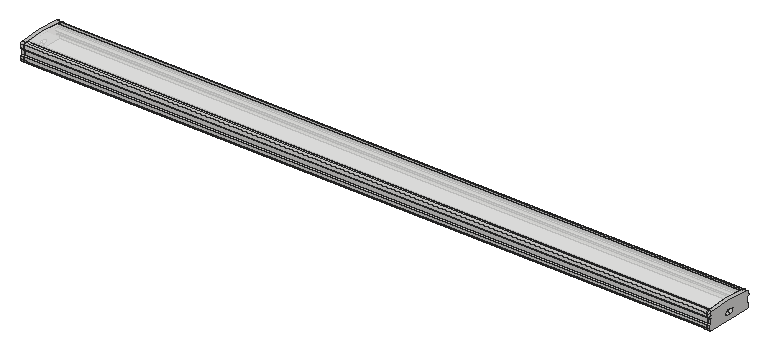
Revit family "Lighting - Luminii - Kendo L - Array", category Lighting Fixtures, host Face, Revit 2020
Family settings
  Host = Face
  Round Connector Dimension = Use Diameter
  Part Type = Normal
  OmniClass Number = 23.80.70.11.14.21
  OmniClass Title = Spots and Tracklight Specialties
  Cut with Voids When Loaded = No
  Light Source = No
  Shared = Yes
  Room Calculation Point = No
Parameters (values of type "Kendo L - High Efficacy")
  Width = 53/64"  # constant formula
  Wattage Comments = "7.3 W/ft"
  Warranty URL = "https://www.luminii.com/terms-conditions/"
  Voltage Comments = "120VAC - 277VAC"  # constant formula
  Voltage = 120 V
  Version = "2020 - v1.0a"  # constant formula
  URL = "https://www.luminii.com/"
  Support Phone = "224-699-9545"  # constant formula
  Support Email = "mailto:support@bimsmith.com"
  Product Page URL = "https://www.luminii.com/product/kendo-l-static-white/"
  Product Name = "Kendo L – Static White"  # constant formula
  Product Documentation Link = "https://www.luminii.com/wp-content/uploads/z_special_catalog_products/products/kendo-l-static-white/specsheets/KENDO-L-Static-White-Spec.pdf"
  Power Source Type = "Driver"  # constant formula
  Power Factor = 1
  Phase = 1
  Output Option [instance] = if(High Color Quality, "60X2HO | 60X2VHO", "HE48LO | HE48SO | HE48MO | HE48HO | HE64VHO")  # "HE48LO | HE48SO | HE48MO | HE48HO | HE64VHO"
  Output [instance] = if(High Color Quality, "High Color Quality", "High Efficacy")  # "High Efficacy"
  Operating Temperature = "Consult Manufacturer Website for more Information"  # constant formula
  Number of Poles = if(and(or(Voltage = 120 V, Voltage = 277 V), Phase = 1), 1, if(and(or(Voltage = 208 V, Voltage = 240 V), Phase = 1), 2, if(and(or(Voltage = 208 V, Voltage = 240 V), Phase = 3), 3, if(and(Voltage > 300 V, Phase = 1), 2, if(and(Voltage > 400 V, Phase = 3), 3, 1)))))  # 1
  Mounting Method = "Surface Mount"  # constant formula
  Model = "KL"
  Manufacturer Phone Number = "224-333-6033"  # constant formula
  Manufacturer Email = "mailto:info@luminii.com"
  Manufacturer Address = "7777 N Merrimac Ave, Niles, IL 60714"  # constant formula
  Manufacturer = "Luminii"  # constant formula
  Lumen Output = "543 lm/ft"
  Load Classification = Lighting
  Lens Material = Plastic - Luminii - Frosted Lens
  Length Comments [instance] = "Perfomance based on 1\" Photometric Web File, consult Manufacturer for custom sizes"  # constant formula
  Length [instance] = if(Desired Length < 12", 12", if(Desired Length > 144", 144", (round(Desired Length / 2")) * 2"))  # 12"
  Lamp Life = 1
  Lamp = "LED"  # constant formula
  Keynote = "26 50 00"
  Instruction Sheet Link = "https://www.luminii.com/wp-content/uploads/z_special_catalog_products/products/kendo-l-static-white/install-guides/kendo%20l-instructions.pdf"
  Initial Color Comments = "Perfomance based on 3000K Photometric Web File"  # constant formula
  Housing Protection Rating = "IP20 Dry/IP66 Wet Series"  # constant formula
  High Efficacy = not(High Color Quality)  # yes
  High Color Quality = no
  Has Dimming = 1 = 1  # yes
  Has Battery Backup = 0 = 1  # no
  Frequency Comments = ""  # constant formula
  Frequency = 60 Hz
  Finish = Metal - Luminii - Silver Anodized Aluminum
  Environment = "Indoor"  # constant formula
  Desired Length [instance] = 12"
  Description = "Linear Illumination System"  # constant formula
  Depth = 5/16"  # constant formula
  Default Elevation = 0"  # constant formula
  Current Amps = 50 A
  Copyright = "©2023 Luminii"  # constant formula
  built-in parameter 1114216 [instance] = 0  # (empty or 0)
  built-in parameter 1140040 [instance] = 1 = 1  # 1
  CCT = "3000K"
  C LED Number [instance] = Length / 1"  # 12
  C End Caps Width = 15/256"  # constant formula
  Assembly Code = "D5020230"
  Apparent Load = 8.3 VA
Types (2): name | Output Option | Output | High Efficacy | High Color Quality
  Kendo L - High Color Quality | "60X2HO | 60X2VHO" | "High Color Quality" | no | yes
  Kendo L - High Efficacy | "HE48LO | HE48SO | HE48MO | HE48HO | HE64VHO" | "High Efficacy" | yes | no
Reference planes (in)
  plane 1 "Center (Front/Back)": y = 0
  plane 2: z = 0
  plane 3 "Center (Left/Right)": x = 0
  plane 4: x = -6
  plane 5: x = 6
  plane 6: y = 0.41406
  plane 7: y = -0.41406
  plane 8: z = 0.30305
  plane 9: x = -5.94141
  plane 10: x = 5.94141
  plane 11: z = 0.3125
Forms (in)
  Extrusion 1, solid, material "Metal - Luminii - Silver Anodized Aluminum", not visible
    sketch origin (0, 0, 0) x (1, 0, 0) y (0, 1, 0)
      loop
        circle (0, 0) r 0.5
    from 0 to -0.17225
  Sweep 2, solid, material "Metal - Luminii - Silver Anodized Aluminum" <- "Finish", detail levels medium+fine
    path origin (0, 0, 0) x (1, 0, 0) y (0, 1, 0)
      loop
        line (-5.94141, 0) -> (5.94141, 0)
    profile origin (0, 0, 0) x (0, 1, 0) y (0, 0, 1)
      loop
        arc (0.40641, 0.26103) -> (0.39199, 0.28089) -> (0.3675, 0.2826) r 0.02905
        line (0.3675, 0.2826) -> (0.3675, 0.22273) -> (0.3302, 0.24012) -> (0.30618, 0.2161) -> (0.35, 0.105) -> (0.35, 0.04) -> (-0.35, 0.04) -> (-0.35, 0.105) -> (-0.30618, 0.2161) -> (-0.3302, 0.24012) -> (-0.3675, 0.22273) -> (-0.3675, 0.2826)
        arc (-0.3675, 0.2826) -> (-0.39199, 0.28089) -> (-0.40641, 0.26103) r 0.02905
        line (-0.40641, 0.26103) -> (-0.4185, 0.19886) -> (-0.3935, 0.18069) -> (-0.3935, 0.10031) -> (-0.4185, 0.08214) -> (-0.4185, 0.025)
        arc (-0.4185, 0.025) -> (-0.41118, 0.00732) -> (-0.3935, 0) r 0.025
        line (-0.3935, 0) -> (0.3935, 0)
        arc (0.3935, 0) -> (0.41118, 0.00732) -> (0.4185, 0.025) r 0.025
        line (0.4185, 0.025) -> (0.4185, 0.08214) -> (0.3935, 0.10031) -> (0.3935, 0.18069) -> (0.4185, 0.19886) -> (0.40641, 0.26103)
  Sweep 3, solid, material "Plastic - Luminii - Frosted Lens" <- "Lens Material", detail levels medium+fine
    path origin (0, 0, 0) x (1, 0, 0) y (0, 1, 0)
      loop
        line (-5.94141, 0) -> (5.94141, 0)
    profile origin (0, 0, 0) x (0, 1, 0) y (0, 0, 1)
      loop
        line (-0.2671, 0.19076) -> (-0.27054, 0.24681)
        arc (-0.27054, 0.24681) -> (0, 0.2634) -> (0.27054, 0.24681) r 2.21414
        line (0.27054, 0.24681) -> (0.2671, 0.19076) -> (0.29959, 0.12108)
        arc (0.29959, 0.12108) -> (0.32218, 0.11286) -> (0.33041, 0.13545) r 0.017
        line (0.33041, 0.13545) -> (0.29906, 0.20268) -> (0.30772, 0.24576) -> (0.355, 0.23626)
        arc (0.355, 0.23626) -> (0.34911, 0.26324) -> (0.32527, 0.27718) r 0.03438
        arc (0.32527, 0.27718) -> (0, 0.30305) -> (-0.32527, 0.27718) r 2.05789
        arc (-0.32527, 0.27718) -> (-0.34911, 0.26324) -> (-0.355, 0.23626) r 0.03438
        line (-0.355, 0.23626) -> (-0.30772, 0.24576) -> (-0.29906, 0.20268) -> (-0.33041, 0.13545)
        arc (-0.33041, 0.13545) -> (-0.32218, 0.11286) -> (-0.29959, 0.12108) r 0.017
        line (-0.29959, 0.12108) -> (-0.2671, 0.19076)
  Sweep 4, solid, material "Metal - Luminii - Silver Anodized Aluminum" <- "Finish", detail levels medium+fine
    path origin (0, 0, 0) x (1, 0, 0) y (0, 1, 0)
      loop
        line (-5.94141, 0) -> (-6, 0)
    profile origin (-5.9707, 0, 0) x (0, -1, 0) y (0, 0, 1)
      loop
        line (0.4185, 0.08214) -> (0.3935, 0.10031) -> (0.3935, 0.18069) -> (0.4185, 0.19886) -> (0.40641, 0.26103)
        arc (0.40641, 0.26103) -> (0.39799, 0.27647) -> (0.38219, 0.28421) r 0.02905
        arc (0.38219, 0.28421) -> (0, 0.3126) -> (-0.38219, 0.28421) r 2.58664
        arc (-0.38219, 0.28421) -> (-0.39799, 0.27647) -> (-0.40641, 0.26103) r 0.02905
        line (-0.40641, 0.26103) -> (-0.4185, 0.19886) -> (-0.3935, 0.18069) -> (-0.3935, 0.10031) -> (-0.4185, 0.08214) -> (-0.4185, 0.025)
        arc (-0.4185, 0.025) -> (-0.41118, 0.00732) -> (-0.3935, 0) r 0.025
        line (-0.3935, 0) -> (0.3935, 0)
        arc (0.3935, 0) -> (0.41118, 0.00732) -> (0.4185, 0.025) r 0.025
        line (0.4185, 0.025) -> (0.4185, 0.08214)
      loop
        arc (-0.04, 0.1671) -> (-0.0871, 0.12) -> (-0.04, 0.0729) r 0.0471
        line (-0.04, 0.0729) -> (0.04, 0.0729)
        arc (0.04, 0.0729) -> (0.0871, 0.12) -> (0.04, 0.1671) r 0.0471
        line (0.04, 0.1671) -> (-0.04, 0.1671)
  Sweep 5, solid, material "Metal - Luminii - Silver Anodized Aluminum" <- "Finish", detail levels medium+fine
    path origin (0, 0, 0) x (-1, 0, 0) y (0, 1, 0)
      loop
        line (-5.94141, 0) -> (-6, 0)
    profile origin (5.9707, 0, 0) x (0, 1, 0) y (0, 0, 1)
      loop
        arc (-0.38219, 0.28421) -> (-0.39799, 0.27647) -> (-0.40641, 0.26103) r 0.02905
        line (-0.40641, 0.26103) -> (-0.4185, 0.19886) -> (-0.3935, 0.18069) -> (-0.3935, 0.10031) -> (-0.4185, 0.08214) -> (-0.4185, 0.025)
        arc (-0.4185, 0.025) -> (-0.41118, 0.00732) -> (-0.3935, 0) r 0.025
        line (-0.3935, 0) -> (0.3935, 0)
        arc (0.3935, 0) -> (0.41118, 0.00732) -> (0.4185, 0.025) r 0.025
        line (0.4185, 0.025) -> (0.4185, 0.08214) -> (0.3935, 0.10031) -> (0.3935, 0.18069) -> (0.4185, 0.19886) -> (0.40641, 0.26103)
        arc (0.40641, 0.26103) -> (0.39799, 0.27647) -> (0.38219, 0.28421) r 0.02905
        arc (0.38219, 0.28421) -> (0, 0.3126) -> (-0.38219, 0.28421) r 2.58664
      loop
        arc (-0.04, 0.1671) -> (-0.0871, 0.12) -> (-0.04, 0.0729) r 0.0471
        line (-0.04, 0.0729) -> (0.04, 0.0729)
        arc (0.04, 0.0729) -> (0.0871, 0.12) -> (0.04, 0.1671) r 0.0471
        line (0.04, 0.1671) -> (-0.04, 0.1671)
  Sweep 6, solid, material "Metal - Luminii - Silver Anodized Aluminum" <- "Finish", detail levels coarse
    path origin (0, 0, 0) x (1, 0, 0) y (0, 1, 0)
      loop
        line (-5.94141, 0) -> (5.94141, 0)
    profile origin (0, 0, 0) x (0, 1, 0) y (0, 0, 1)
      loop
        line (0.40222, 0.2826) -> (0.3675, 0.2826) -> (0.3675, 0.22273) -> (0.3302, 0.24012) -> (0.30618, 0.2161) -> (0.35, 0.105) -> (0.35, 0.04) -> (-0.35, 0.04) -> (-0.35, 0.105) -> (-0.30618, 0.2161) -> (-0.3302, 0.24012) -> (-0.3675, 0.22273) -> (-0.3675, 0.2826) -> (-0.40222, 0.2826) -> (-0.4185, 0.19886) -> (-0.4185, 0.08214) -> (-0.4185, 0) -> (0.4185, 0) -> (0.4185, 0.08214) -> (0.4185, 0.19886) -> (0.40222, 0.2826)
  Sweep 7, solid, material "Plastic - Luminii - Frosted Lens" <- "Lens Material", detail levels coarse
    path origin (0, 0, 0) x (1, 0, 0) y (0, 1, 0)
      loop
        line (-5.94141, 0) -> (5.94141, 0)
    profile origin (0, 0, 0) x (0, 1, 0) y (0, 0, 1)
      loop
        line (-0.355, 0.23626) -> (-0.30772, 0.24576) -> (0.30772, 0.24576) -> (0.355, 0.23626)
        arc (0.355, 0.23626) -> (0.34911, 0.26324) -> (0.32527, 0.27718) r 0.03438
        arc (0.32527, 0.27718) -> (0, 0.30305) -> (-0.32527, 0.27718) r 2.05789
        arc (-0.32527, 0.27718) -> (-0.34911, 0.26324) -> (-0.355, 0.23626) r 0.03438
  Sweep 8, solid, material "Metal - Luminii - Silver Anodized Aluminum" <- "Finish", detail levels coarse
    path origin (0, 0, 0) x (-1, 0, 0) y (0, 1, 0)
      loop
        line (-5.94141, 0) -> (-6, 0)
    profile origin (5.9707, 0, 0) x (0, 1, 0) y (0, 0, 1)
      loop
        line (-0.40251, 0.28109) -> (-0.4185, 0.19886) -> (-0.4185, 0) -> (0.4185, 0) -> (0.4185, 0.19886) -> (0.40251, 0.28109)
        arc (0.40251, 0.28109) -> (0, 0.3126) -> (-0.40251, 0.28109) r 2.58664
  Sweep 9, solid, material "Metal - Luminii - Silver Anodized Aluminum" <- "Finish", detail levels coarse
    path origin (0, 0, 0) x (1, 0, 0) y (0, 1, 0)
      loop
        line (-5.94141, 0) -> (-6, 0)
    profile origin (-5.9707, 0, 0) x (0, -1, 0) y (0, 0, 1)
      loop
        arc (0.40251, 0.28109) -> (0, 0.3126) -> (-0.40251, 0.28109) r 2.58664
        line (-0.40251, 0.28109) -> (-0.4185, 0.19886) -> (-0.4185, 0) -> (0.4185, 0) -> (0.4185, 0.19886) -> (0.40251, 0.28109)
Dimensions and locks (in)
  equal spacing: plane 4, plane 3 "Center (Left/Right)", plane 5
  equal spacing: plane 6, plane 1 "Center (Front/Back)", plane 7
  "Length": plane 4 to plane 5
  "Width": plane 6 to plane 7
  "C End Caps Width": plane 10 to plane 5
  "C End Caps Width": plane 4 to plane 9
  "Depth": plane 11 to level
  equal spacing: group 1, group 3, group 4, group 5, group 6, group 7, group 8, group 9, group 10, group 11, group 12, group 2  (x3)
  aligned and locked: plane 2 to host face
  aligned and locked: plane 3 "Center (Left/Right)" to Extrusion 1 sketch curve
  aligned and locked: plane 1 "Center (Front/Back)" to Extrusion 1 sketch curve
  aligned and locked: plane 2 to Extrusion 1  (x2)
  aligned and locked: plane 9 to Sweep 2 sketch curve
  aligned and locked: plane 1 "Center (Front/Back)" to Sweep 2 sketch curve
  aligned and locked: plane 10 to Sweep 2 sketch curve
  aligned and locked: plane 1 "Center (Front/Back)" to Sweep 3 sketch curve
  aligned and locked: plane 10 to Sweep 3 sketch curve
  aligned and locked: plane 9 to Sweep 3 sketch curve
  aligned and locked: Sweep 4 sketch curve to plane 1 "Center (Front/Back)"
  aligned and locked: plane 9 to Sweep 4 sketch curve
  aligned and locked: plane 4 to Sweep 4 sketch curve
  aligned and locked: plane 10 to Sweep 5 sketch curve
  aligned and locked: plane 5 to Sweep 5 sketch curve
  aligned and locked: plane 1 "Center (Front/Back)" to Sweep 5 sketch curve
  aligned and locked: plane 9 to Sweep 6 sketch curve
  aligned and locked: plane 10 to Sweep 6 sketch curve
  aligned and locked: plane 1 "Center (Front/Back)" to Sweep 6 sketch curve
  aligned and locked: Sweep 6 sketch curve to plane 2
  aligned and locked: plane 9 to Sweep 7 sketch curve
  aligned and locked: plane 10 to Sweep 7 sketch curve
  aligned and locked: plane 1 "Center (Front/Back)" to Sweep 7 sketch curve
  aligned and locked: plane 5 to Sweep 8 sketch curve
  aligned and locked: plane 10 to Sweep 8 sketch curve
  aligned and locked: plane 1 "Center (Front/Back)" to Sweep 8 sketch curve
  aligned and locked: Sweep 8 sketch curve to plane 2
  aligned and locked: plane 9 to Sweep 9 sketch curve
  aligned and locked: plane 4 to Sweep 9 sketch curve
  aligned and locked: Sweep 9 sketch curve to plane 1 "Center (Front/Back)"
  aligned and locked: plane 2 to Sweep 9 sketch curve
  aligned and locked: plane 2 to nested 1
  aligned and locked: plane 1 "Center (Front/Back)" to nested 1
  aligned and locked: plane 4 to nested 1
  aligned and locked: plane 2 to nested 2
  aligned and locked: plane 5 to nested 2
  aligned and locked: plane 1 "Center (Front/Back)" to nested 2
Automatic sketch dimensions
  host sketch curve to host sketch curve = 96"  (x2)
  Sweep 2 sketch curve to level = 0"
  level to Sweep 2 sketch curve = 0.08214"
  profile plane to Sweep 2 sketch curve = 0.4185"
  level to Sweep 2 sketch curve = 0.19886"  (x2)
  Sweep 2 sketch curve to Sweep 2 sketch curve = 0"
  Sweep 2 sketch curve to Sweep 2 sketch curve = 0.01209"
  level to Sweep 2 sketch curve = 0.10031"
  Sweep 2 sketch curve to Sweep 2 sketch curve = 0.025"  (x3)
  Sweep 2 sketch curve to Sweep 2 sketch curve = 0.02851"  (x2)
  Sweep 2 sketch curve to Sweep 2 sketch curve = 0.0104"  (x2)
  Sweep 2 sketch curve to Sweep 2 sketch curve = 0.0435"  (x2)
  Sweep 2 sketch curve to Sweep 2 sketch curve = 0.0373"  (x2)
  Sweep 2 sketch curve to Sweep 2 sketch curve = 0.02402"  (x4)
  Sweep 2 sketch curve to profile plane = 0.30618"
  level to Sweep 2 sketch curve = 0.04"
  Sweep 2 sketch curve to Sweep 2 sketch curve = 0.04382"
  level to Sweep 2 sketch curve = 0.18069"
  Sweep 2 sketch curve to Sweep 2 sketch curve = 0.026"
  level to Sweep 2 sketch curve = 0.26103"
  level to Sweep 2 sketch curve = 0.025"
  Sweep 2 sketch curve to Sweep 2 sketch curve = 0.05714"
  Sweep 2 sketch curve to Sweep 2 sketch curve = 0.01816"  (x2)
  Sweep 2 sketch curve to Sweep 2 sketch curve = 0.00469"  (x2)
  Sweep 2 sketch curve to Sweep 2 sketch curve = 0.03541"  (x2)
  Sweep 2 sketch curve to Sweep 2 sketch curve = 0.04203"  (x2)
  Sweep 2 sketch curve to Sweep 2 sketch curve = 0.03276"
  Sweep 2 sketch curve to Sweep 2 sketch curve = 0.00554"  (x2)
  Sweep 3 sketch curve to profile plane = 0"  (x2)
  profile plane to Sweep 3 sketch curve = 0.2671"
  Sweep 3 sketch curve to Sweep 3 sketch curve = 0.00344"  (x2)
  Sweep 3 sketch curve to Sweep 3 sketch curve = 0.03196"  (x2)
  level to Sweep 3 sketch curve = 31/256"  (x2)
  Sweep 3 sketch curve to Sweep 3 sketch curve = 0.03249"  (x2)
  Sweep 3 sketch curve to Sweep 3 sketch curve = 0.03718"  (x2)
  Sweep 3 sketch curve to Sweep 3 sketch curve = 0.01541"  (x4)
  Sweep 3 sketch curve to Sweep 3 sketch curve = 0.01358"  (x2)
  level to Sweep 3 sketch curve = 0.13545"  (x2)
  Sweep 3 sketch curve to Sweep 3 sketch curve = 0.0337"  (x2)
  Sweep 3 sketch curve to profile plane = 0.2671"
  Sweep 3 sketch curve to level = 1.75484"
  Sweep 3 sketch curve to Sweep 3 sketch curve = 0.1959"
  Sweep 3 sketch curve to Sweep 3 sketch curve = 0.06968"  (x2)
  Sweep 3 sketch curve to Sweep 3 sketch curve = 0.01192"  (x2)
  Sweep 3 sketch curve to Sweep 3 sketch curve = 0.03359"  (x2)
  Sweep 3 sketch curve to Sweep 3 sketch curve = 0.00273"  (x2)
  Sweep 3 sketch curve to Sweep 3 sketch curve = 0.00104"
  Sweep 3 sketch curve to Sweep 3 sketch curve = 0.00397"
  Sweep 4 sketch curve to level = 0"
  Sweep 4 sketch curve to profile plane = 0"
  profile plane to Sweep 4 sketch curve = 0.04"
  Sweep 4 sketch curve to Sweep 4 sketch curve = 0.3379"  (x2)
  level to Sweep 4 sketch curve = 0.10031"
  Sweep 4 sketch curve to Sweep 4 sketch curve = 0.0156"  (x2)
  level to Sweep 4 sketch curve = 0.025"  (x2)
  Sweep 4 sketch curve to Sweep 4 sketch curve = 0"  (x3)
  level to Sweep 4 sketch curve = 0.26103"  (x2)
  Sweep 4 sketch curve to Sweep 4 sketch curve = 0.02851"  (x2)
  level to Sweep 4 sketch curve = 0.19886"  (x2)
  Sweep 4 sketch curve to Sweep 4 sketch curve = 0.025"  (x2)
  Sweep 4 sketch curve to profile plane = 0.04"
  Sweep 4 sketch curve to level = 2.27404"
  level to Sweep 4 sketch curve = 0.0729"
  Sweep 4 sketch curve to Sweep 4 sketch curve = 0.01816"  (x4)
  Sweep 4 sketch curve to Sweep 4 sketch curve = 0.05714"
  Sweep 4 sketch curve to Sweep 4 sketch curve = 0.0471"
  Sweep 4 sketch curve to Sweep 4 sketch curve = 0.00554"  (x2)
  Sweep 5 sketch curve to level = 0"
  Sweep 5 sketch curve to profile plane = 0"
  profile plane to Sweep 5 sketch curve = 0.04"
  Sweep 5 sketch curve to Sweep 5 sketch curve = 0.3379"  (x2)
  Sweep 5 sketch curve to Sweep 5 sketch curve = 0.0156"  (x2)
  Sweep 5 sketch curve to Sweep 5 sketch curve = 0"  (x3)
  level to Sweep 5 sketch curve = 0.26103"
  Sweep 5 sketch curve to Sweep 5 sketch curve = 0.02851"  (x2)
  level to Sweep 5 sketch curve = 0.19886"  (x2)
  Sweep 5 sketch curve to Sweep 5 sketch curve = 0.025"  (x4)
  level to Sweep 5 sketch curve = 0.08214"  (x2)
  Sweep 5 sketch curve to profile plane = 0.04"
  level to Sweep 5 sketch curve = 0.18069"
  Sweep 5 sketch curve to level = 2.27404"
  level to Sweep 5 sketch curve = 0.0729"
  Sweep 5 sketch curve to Sweep 5 sketch curve = 0.01816"  (x3)
  Sweep 5 sketch curve to Sweep 5 sketch curve = 0.0471"
  Sweep 5 sketch curve to Sweep 5 sketch curve = 0.00554"  (x2)
  Sweep 5 sketch curve to Sweep 5 sketch curve = 0.05663"
  Sweep 6 sketch curve to level = 0"
  profile plane to Sweep 6 sketch curve = 0.4185"
  Sweep 6 sketch curve to Sweep 6 sketch curve = 0.01628"
  Sweep 6 sketch curve to Sweep 6 sketch curve = 0.03472"  (x2)
  Sweep 6 sketch curve to Sweep 6 sketch curve = 0.0685"  (x2)
  Sweep 6 sketch curve to Sweep 6 sketch curve = 0.0373"  (x2)
  Sweep 6 sketch curve to Sweep 6 sketch curve = 0.02402"  (x4)
  Sweep 6 sketch curve to profile plane = 0.30618"
  level to Sweep 6 sketch curve = 0.105"
  Sweep 6 sketch curve to Sweep 6 sketch curve = 0.04382"
  level to Sweep 6 sketch curve = 0.04"
  Sweep 6 sketch curve to Sweep 6 sketch curve = 0.02286"
  Sweep 6 sketch curve to Sweep 6 sketch curve = 0.04214"
  Sweep 6 sketch curve to Sweep 6 sketch curve = 0.065"
  Sweep 6 sketch curve to Sweep 6 sketch curve = 0.09386"  (x2)
  Sweep 6 sketch curve to Sweep 6 sketch curve = 0.01725"  (x2)
  Sweep 6 sketch curve to Sweep 6 sketch curve = 0.02387"  (x2)
  Sweep 6 sketch curve to Sweep 6 sketch curve = 0.05988"
  Sweep 6 sketch curve to Sweep 6 sketch curve = 0.04248"
  Sweep 7 sketch curve to profile plane = 0"
  profile plane to Sweep 7 sketch curve = 0.30772"
  Sweep 7 sketch curve to Sweep 7 sketch curve = 0.01358"  (x2)
  Sweep 7 sketch curve to Sweep 7 sketch curve = 0.0337"  (x2)
  Sweep 7 sketch curve to profile plane = 0.30772"
  Sweep 7 sketch curve to level = 1.75484"
  level to Sweep 7 sketch curve = 0.23626"  (x2)
  Sweep 7 sketch curve to Sweep 7 sketch curve = 0.00677"  (x2)
  Sweep 7 sketch curve to Sweep 7 sketch curve = 0.00273"
  Sweep 7 sketch curve to Sweep 7 sketch curve = 0.00397"
  Sweep 8 sketch curve to level = 0"
  Sweep 8 sketch curve to profile plane = 0"
  profile plane to Sweep 8 sketch curve = 0.40251"
  Sweep 8 sketch curve to Sweep 8 sketch curve = 0.01599"  (x2)
  Sweep 8 sketch curve to profile plane = 0.40251"
  level to Sweep 8 sketch curve = 0.19886"
  Sweep 8 sketch curve to level = 2.27404"
  Sweep 8 sketch curve to Sweep 8 sketch curve = 0.19886"
  Sweep 8 sketch curve to Sweep 8 sketch curve = 0.08224"
  Sweep 9 sketch curve to level = 0"
  Sweep 9 sketch curve to profile plane = 0"
  profile plane to Sweep 9 sketch curve = 0.40251"
  Sweep 9 sketch curve to Sweep 9 sketch curve = 0.01599"  (x2)
  Sweep 9 sketch curve to profile plane = 0.40251"
  level to Sweep 9 sketch curve = 0.19886"
  Sweep 9 sketch curve to level = 2.27404"
  Sweep 9 sketch curve to Sweep 9 sketch curve = 0.19886"
  Sweep 9 sketch curve to Sweep 9 sketch curve = 0.08224"
  radius of Extrusion 1 sketch curve = 1/2"
Nested families (in)
  nested 1: "Lighting - Luminii - Kendo L - Nested Light Source" at (-5.5, 0, 0), type "Default"
    with Output Option "60X2HO | 60X2VHO", Output "High Color Quality", Length Comments "Perfomance based on 1\" Photometric Web File", Length 1", Desired Length 1", built-in parameter 1114216 (empty or 0), built-in parameter 1140040 1
  nested 2: "Lighting - Luminii - Kendo L - Nested Light Source" at (5.5, 0, 0), type "Default"
    with Output Option "60X2HO | 60X2VHO", Output "High Color Quality", Length Comments "Perfomance based on 1\" Photometric Web File", Length 1", Desired Length 1", built-in parameter 1114216 (empty or 0), built-in parameter 1140040 1
  nested 3: "Lighting - Luminii - Kendo L - Nested Light Source" at (-4.5, 0, 0), type "Default"
    with Output Option "60X2HO | 60X2VHO", Output "High Color Quality", Length Comments "Perfomance based on 1\" Photometric Web File", Length 1", Desired Length 1", built-in parameter 1114216 (empty or 0), built-in parameter 1140040 1
  nested 4: "Lighting - Luminii - Kendo L - Nested Light Source" at (-3.5, 0, 0), type "Default"
    with Output Option "60X2HO | 60X2VHO", Output "High Color Quality", Length Comments "Perfomance based on 1\" Photometric Web File", Length 1", Desired Length 1", built-in parameter 1114216 (empty or 0), built-in parameter 1140040 1
  nested 5: "Lighting - Luminii - Kendo L - Nested Light Source" at (-2.5, 0, 0), type "Default"
    with Output Option "60X2HO | 60X2VHO", Output "High Color Quality", Length Comments "Perfomance based on 1\" Photometric Web File", Length 1", Desired Length 1", built-in parameter 1114216 (empty or 0), built-in parameter 1140040 1
  nested 6: "Lighting - Luminii - Kendo L - Nested Light Source" at (-1.5, 0, 0), type "Default"
    with Output Option "60X2HO | 60X2VHO", Output "High Color Quality", Length Comments "Perfomance based on 1\" Photometric Web File", Length 1", Desired Length 1", built-in parameter 1114216 (empty or 0), built-in parameter 1140040 1
  nested 7: "Lighting - Luminii - Kendo L - Nested Light Source" at (-0.5, 0, 0), type "Default"
    with Output Option "60X2HO | 60X2VHO", Output "High Color Quality", Length Comments "Perfomance based on 1\" Photometric Web File", Length 1", Desired Length 1", built-in parameter 1114216 (empty or 0), built-in parameter 1140040 1
  nested 8: "Lighting - Luminii - Kendo L - Nested Light Source" at (0.5, 0, 0), type "Default"
    with Output Option "60X2HO | 60X2VHO", Output "High Color Quality", Length Comments "Perfomance based on 1\" Photometric Web File", Length 1", Desired Length 1", built-in parameter 1114216 (empty or 0), built-in parameter 1140040 1
  nested 9: "Lighting - Luminii - Kendo L - Nested Light Source" at (1.5, 0, 0), type "Default"
    with Output Option "60X2HO | 60X2VHO", Output "High Color Quality", Length Comments "Perfomance based on 1\" Photometric Web File", Length 1", Desired Length 1", built-in parameter 1114216 (empty or 0), built-in parameter 1140040 1
  nested 10: "Lighting - Luminii - Kendo L - Nested Light Source" at (2.5, 0, 0), type "Default"
    with Output Option "60X2HO | 60X2VHO", Output "High Color Quality", Length Comments "Perfomance based on 1\" Photometric Web File", Length 1", Desired Length 1", built-in parameter 1114216 (empty or 0), built-in parameter 1140040 1
  nested 11: "Lighting - Luminii - Kendo L - Nested Light Source" at (3.5, 0, 0), type "Default"
    with Output Option "60X2HO | 60X2VHO", Output "High Color Quality", Length Comments "Perfomance based on 1\" Photometric Web File", Length 1", Desired Length 1", built-in parameter 1114216 (empty or 0), built-in parameter 1140040 1
  nested 12: "Lighting - Luminii - Kendo L - Nested Light Source" at (4.5, 0, 0), type "Default"
    with Output Option "60X2HO | 60X2VHO", Output "High Color Quality", Length Comments "Perfomance based on 1\" Photometric Web File", Length 1", Desired Length 1", built-in parameter 1114216 (empty or 0), built-in parameter 1140040 1
Connectors (in)
  electrical at (0, 0, 0), driven by "Number of Poles", driven by "Load Classification", driven by "Voltage", driven by "Apparent Load", driven by "Power Factor"
    settings: on Extrusion 1, index 1, voltage 120 V, apparent load 8.3 VA, apparent load phase1 0 VA, apparent load phase2 0 VA, apparent load phase3 0 VA, power factor 1, load classification "Lighting", number of poles 1, system type 30, power factor state 1, is connector primary yes, connector utility no, sub classification motor no, connector description "Power Connection"
Definition of nested family "Lighting - Luminii - Kendo L - Nested Light Source"
  Parameters (values of type "Default")
    Width = 53/64"  # constant formula
    Wattage Comments = "7.3 W/ft"
    Wattage = 8.3 W
    Warranty URL = "https://www.luminii.com/terms-conditions/"
    built-in parameter 1150110 = 1 (stored number, unit not read)
    Voltage Comments = "120VAC - 277VAC"  # constant formula
    Voltage = 120 V
    Version = "2020 - v1.0a"  # constant formula
    URL = "https://www.luminii.com/"
    built-in parameter 1114217 = 1 (stored number, unit not read)
    Tilt Angle = -90.00°  # constant formula
    built-in parameter 1150109 = 1 (stored number, unit not read)
    built-in parameter 1150134 = (empty or 0)
    built-in parameter 1150113 = 1 (stored number, unit not read)
    Support Phone = "224-699-9545"  # constant formula
    Support Email = "mailto:support@bimsmith.com"
    Product Page URL = "https://www.luminii.com/product/kendo-l-static-white/"
    Product Name = "Kendo L – Static White"  # constant formula
    Product Documentation Link = "https://www.luminii.com/wp-content/uploads/z_special_catalog_products/products/kendo-l-static-white/specsheets/KENDO-L-Static-White-Spec.pdf"
    Power Source Type = "Driver"  # constant formula
    Power Factor = 1
    Photometric Web File = "KL-48-30K-LL72VHO-F.IES"
    Phase = 1
    Output Option [instance] = if(High Color Quality, "60X2HO | 60X2VHO", "HE48LO | HE48SO | HE48MO | HE48HO | HE64VHO")  # "60X2HO | 60X2VHO"
    Output [instance] = if(High Color Quality, "High Color Quality", "High Efficacy")  # "High Color Quality"
    Operating Temperature = "Consult Manufacturer Website for more Information"  # constant formula
    Number of Poles = if(and(or(Voltage = 120 V, Voltage = 277 V), Phase = 1), 1, if(and(or(Voltage = 208 V, Voltage = 240 V), Phase = 1), 2, if(and(or(Voltage = 208 V, Voltage = 240 V), Phase = 3), 3, if(and(Voltage > 300 V, Phase = 1), 2, if(and(Voltage > 400 V, Phase = 3), 3, 1)))))  # 1
    Mounting Method = "Surface Mount"  # constant formula
    Model = "KL"
    Manufacturer Phone Number = "224-333-6033"  # constant formula
    Manufacturer Email = "mailto:info@luminii.com"
    Manufacturer Address = "7777 N Merrimac Ave, Niles, IL 60714"  # constant formula
    Manufacturer = "Luminii"  # constant formula
    built-in parameter 1150105 = 614.2 (stored number, unit not read)
    Lumens = 614.2 lm
    built-in parameter 1150115 = 1 (stored number, unit not read)
    Lumen Output = "543 lm/ft"
    Load Classification = none
    built-in parameter 1150137 = (empty or 0)
    built-in parameter 1150139 = (empty or 0)
    Lens Material = none
    Length Comments [instance] = "Perfomance based on 1\" Photometric Web File"  # constant formula
    Length [instance] = 1"  # constant formula
    built-in parameter 1150112 = 1 (stored number, unit not read)
    built-in parameter 1150114 = 1 (stored number, unit not read)
    Lamp Life = 1
    Lamp = "LED"  # constant formula
    Keynote = "26 50 00"
    Instruction Sheet Link = "https://www.luminii.com/wp-content/uploads/z_special_catalog_products/products/kendo-l-static-white/install-guides/kendo%20l-instructions.pdf"
    built-in parameter 1150132 = (empty or 0)
    built-in parameter 1150102 = (empty or 0)
    built-in parameter 1150107 = 3000 (stored number, unit not read)
    Initial Color Comments = "Perfomance based on 3000K Photometric Web File"  # constant formula
    built-in parameter 1150138 = (empty or 0)
    built-in parameter 1150106 = 6.142 (stored number, unit not read)
    Housing Protection Rating = "IP20 Dry/IP66 Wet Series"  # constant formula
    High Efficacy = not(High Color Quality)  # no
    High Color Quality = yes
    Has Dimming = 1 = 1  # yes
    Has Battery Backup = 0 = 1  # no
    Frequency Comments = ""  # constant formula
    Frequency = 60 Hz
    Finish = none
    Environment = "Indoor"  # constant formula
    Emit from Rectangle Width = Width  # 53/64"
    Emit from Rectangle Length = 1"
    Emit Shape Visible in Rendering = yes
    built-in parameter 1150104 = 6.8748 (stored number, unit not read)
    Dimming Lamp Color Temperature Shift = (empty or 0)
    Desired Length [instance] = 1"
    Description = "Linear Illumination System"  # constant formula
    Depth = 5/16"  # constant formula
    Default Elevation = 0"  # constant formula
    Current Amps = 50 A
    Copyright = "©2023 Luminii"  # constant formula
    Color Filter = 16777215
    built-in parameter 1114216 [instance] = 0  # (empty or 0)
    built-in parameter 1140040 [instance] = 1 = 1  # 1
    CCT = "3000K"
    C End Caps Width = 15/256"  # constant formula
    built-in parameter 1114218 = 1 (stored number, unit not read)
    built-in parameter 1150133 = 10 (stored number, unit not read)
    Assembly Code = "D5020230"
    Apparent Load = Wattage / Power Factor  # 8.3 VA
  Reference planes (in)
    plane 1 "Center (Front/Back)": y = 0
    plane 2: z = 0
    plane 3 "Center (Left/Right)": x = 0
    plane 4: x = -0.5
    plane 5: x = 0.5
    plane 6: y = 0.41406
    plane 7: y = -0.41406
    plane 8: z = 0.30305
    plane 9: x = -0.44141
    plane 10: x = 0.44141
    plane 11: z = 0.3125
  Forms (in)
    Extrusion 1, solid
      sketch origin (0, 0, 0) x (1, 0, 0) y (0, 1, 0)
        loop
          line (-48, 48) -> (-48, -48) -> (48, -48) -> (48, 48) -> (-48, 48)
      from 0 to -12
    Extrusion 2, solid, not visible
      sketch origin (0, 0, 0) x (1, 0, 0) y (0, 1, 0)
        loop
          circle (0, 0) r 0.5
      from 0 to -0.17225
  Dimensions and locks (in)
    equal spacing: plane 4, plane 3 "Center (Left/Right)", plane 5
    equal spacing: plane 6, plane 1 "Center (Front/Back)", plane 7
    "Length": plane 4 to plane 5
    "Width": plane 6 to plane 7
    "C End Caps Width": plane 10 to plane 5
    "C End Caps Width": plane 4 to plane 9
    "Depth": plane 11 to level
    aligned and locked: plane 2 to Extrusion 1
    aligned and locked: plane 3 "Center (Left/Right)" to Extrusion 2 sketch curve
    aligned and locked: plane 1 "Center (Front/Back)" to Extrusion 2 sketch curve
    aligned and locked: plane 2 to Extrusion 2  (x2)
    aligned and locked: imposter light to plane 8
    aligned and locked: imposter light to plane 3 "Center (Left/Right)"
    aligned and locked: imposter light to plane 1 "Center (Front/Back)"
  Automatic sketch dimensions
    Extrusion 1 sketch curve to Extrusion 1 sketch curve = 96"  (x2)
    radius of Extrusion 2 sketch curve = 1/2"
  Connectors (in)
    electrical at (0, 0, 0), driven by "Number of Poles", driven by "Load Classification", driven by "Voltage", driven by "Apparent Load", driven by "Power Factor"
      settings: on Extrusion 2, index 1, voltage 120 V, apparent load 8.3 VA, apparent load phase1 0 VA, apparent load phase2 0 VA, apparent load phase3 0 VA, power factor 1, load classification none, number of poles 1, system type 30, power factor state 1, is connector primary yes, connector utility no, sub classification motor no, connector description "Power Connection"
